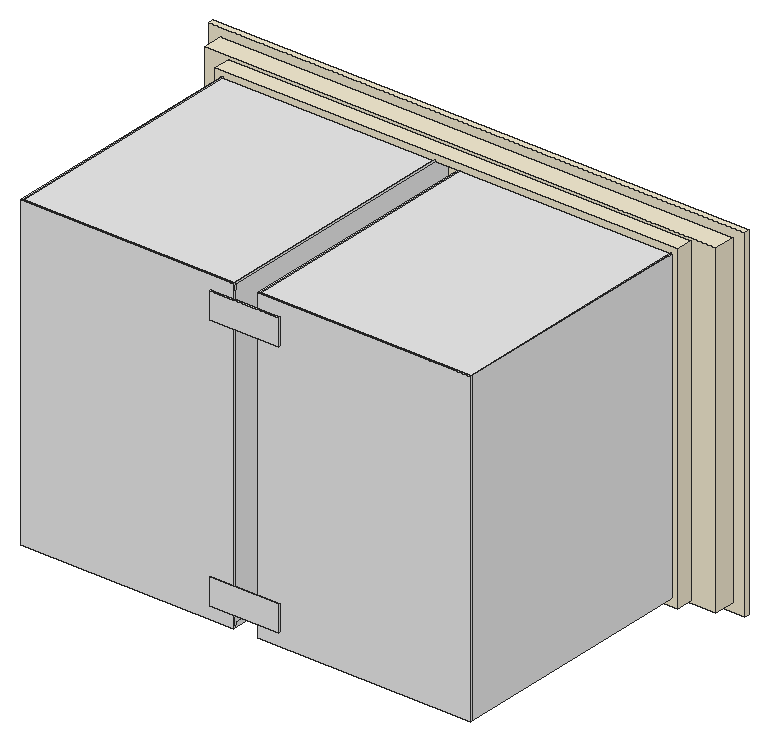
Revit family "Mailboxes_4C-Salsbury_Industries-Front_Load-5_Door_High_Units", category Specialty Equipment, host Wall, Revit 2016
Family settings
  Host = Wall
  Part Type = Normal
  Round Connector Dimension = Use Diameter
  OmniClass Number = 23.40.90.14.11
  OmniClass Title = Mail Boxes
  Always vertical = Yes
  Cut with Voids When Loaded = No
  Shared = No
  Room Calculation Point = No
Parameters (values of type "3705D-08 FL")
  Width = 31.09766"
  URL = "www.mailboxes.com"
  OmniClass 23 Title = "Mail Boxes"
  OmniClass 23 Number = "23.40.90.14.11"
  Visible Door Number [instance] = yes
  Vertical Center Divider = yes
  Version = "3.0 (06/30/17)"
  Type Comments = "4C Standard Horizontal Mailbox - Front Loading"
  Top Back Plate = yes
  Right Inside Wall = yes
  Model = "3705D-08 FL"
  MasterFormat Title = "Postal Specialties"
  MasterFormat Number = "10 55 00"
  Manufacturer = "Salsbury Industries"
  Lock Material = Stainless Steel - Salsbury Finish -  Polished
  Left Inside Wall = yes
  Keynote = ""
  Height = 20.000"
  Front Panel Material [instance] = Paint - Salsbury Finish - Sandstone
  Door Slot R5 Number [instance] = "8"
  Door Slot R5 = 3700 Series 4C Door Configurations : MB1 Door w/ Divider
  Door Slot R4 Number [instance] = "7"
  Door Slot R4 = 3700 Series 4C Door Configurations : MB1 Door w/ Divider
  Door Slot R3 Number [instance] = "0"
  Door Slot R3 = 3700 Series 4C OM2 Configuration : OM2-FL
  Door Slot R2 Number [instance] = "0"
  Door Slot R2 = 3700 Series 4C Door Configurations : Empty
  Door Slot R1 Number [instance] = "6"
  Door Slot R1 = 3700 Series 4C Door Configurations : MB1 Door
  Door Slot L5 Number [instance] = "5"
  Door Slot L5 = 3700 Series 4C Door Configurations : MB1 Door w/ Divider
  Door Slot L4 Number [instance] = "4"
  Door Slot L4 = 3700 Series 4C Door Configurations : MB1 Door w/ Divider
  Door Slot L3 Number [instance] = "3"
  Door Slot L3 = 3700 Series 4C Door Configurations : MB1 Door w/ Divider
  Door Slot L2 Number [instance] = "2"
  Door Slot L2 = 3700 Series 4C Door Configurations : MB1 Door w/ Divider
  Door Slot L1 Number [instance] = "1"
  Door Slot L1 = 3700 Series 4C Door Configurations : MB1 Door
  Description = "5 Door High Unit:  8 MB1, OM2"
  Depth = 17.025"
  Center Extrusion Offset [instance] = 0.000"
  Bottom Back Plate = yes
  Back Enclosure Material = Aluminum - Salsbury Finish - Anodized
  Assembly Description = "Mailboxes"
  Assembly Code = "C1030910"
  Above Finished Floor (AFF-Bottom of Unit) [instance] = 26.683"
  Above Finished Floor (AFF-Bottom Shelf) [instance] = 28.000"
Reference planes (in)
  plane 1 "Wall Centerline": y = 0
  plane 2 "Center (Left/Right)": x = 0
  plane 3 "Front": y = 3
  plane 4 "15" AFF": z = 28
  plane 5 "28" AFF": z = 28
  plane 6 "36" AFF": z = 36
  plane 7 "48" AFF": z = 48
  plane 8 "Bottom of Unit": z = 26.683
  plane 9 "Top of Unit": z = 46.683
  plane 10 "Left Side of Unit": x = 15.54883
  plane 11 "Right Side of Unit": x = -15.54883
  plane 12 "28" AFF_Bottom of Unit": z = 26.683
  plane 13 "Top Horiz Trim Align": z = 45.85225
  plane 14 "Bottom Horiz Trim Align": z = 27.515
  plane 15 "Left Trim Align": x = 14.716
  plane 16 "Right Trim Align": x = -14.716
  plane 17 "Left Door Align": x = 14.06641
  plane 18 "Right Door Align": x = -14.06641
  plane 19 "Top Horiz Door Align": z = 45.26125
  plane 20 "Bottom Horiz Door Align": z = 28
  plane 21 "Front Face of Unit": y = 3.265
  plane 22 "Top Housing Align": z = 46.179
  plane 23 "Top Collar Align": z = 46.031
  plane 24 "Top Box Align": z = 45.676
  plane 25 "Vertical Housing Align": y = 1.795
  plane 26 "Vertical Collar Align": y = 0.795
  plane 27 "Back of Unit": y = -13.76
  plane 28 "Bottom Housing Align": z = 27.187
  plane 29 "Bottom Collar Align": z = 27.335
  plane 30 "Bottom Box Align": z = 27.75
  plane 31 "Door Alignment": y = 2.66809
  plane 32 "Right Housing Align": x = -14.84183
  plane 33 "Right Collar Align": x = -13.40883
  plane 34 "Right Box Side Align": x = -13.08083
  plane 35 "Left Housing Align": x = 14.84183
  plane 36 "Left Collar Align": x = 13.40883
  plane 37 "Left Side Box Align": x = 13.08083
  plane 38 "Top Back Plate Align": z = 44.897
  plane 39 "Bottom Back Plate Align": z = 28.499
  plane 40 "Back": y = -3
  plane 41 "RO Left Side": x = 15.17383
  plane 42 "RO Right Side": x = -15.17383
  plane 43 "RO Bottom": z = 27.058
  plane 44 "RO Top": z = 46.308
  plane 45 "Horiz Centerline": z = 42.04237
  plane 46: z = 27.885
  plane 47: x = 12.99983
  plane 48: x = 12.92758
  plane 49 "Center Extrusion": x = 0
  plane 50 "Center Extrusion Offset": x = 0
  plane 51 "Row 5 Top Align": z = 31.5
  plane 52 "Row 4 Top Align": z = 35
  plane 53 "Row 3 Top Align": z = 38.5
  plane 54 "Row 2 Top Align": z = 42
  plane 55 "Row 16 Top Align-Private": z = 31.5
  plane 56 "Row 15 Top Align-Private": z = 35
  plane 57 "Row 14 Top Align-Private": z = 38.5
  plane 58 "Row 13 Top Align-Private": z = 42
  plane 59 "Row 12 Top Align-Private": z = 45.5
  plane 60 "Row 11 Top Align-Private": z = 49
  plane 61 "Row 10 Top Align-Private": z = 52.25
  plane 62 "Row 9 Top Align-Private": z = 55.75
  plane 63 "Row 8 Top Align-Private": z = 59.25
  plane 64 "Top of Face Gap": z = 61.25
  plane 65 "Top Latch Align": z = 37.376
  plane 66 "Bottom Latch Align": z = 36.05
  plane 67 "Right Latch Align": x = -0.69183
  plane 68 "Left Latch Align": x = 0.69098
  plane 69 "Latch Alignment Edge": x = -15.54883
  plane 70: x = -12.92783
  plane 71: x = -12.99983
  plane 72: y = -13.84203
  plane 73: x = -2
  plane 74: x = -0.7705
  plane 75: x = 0.7705
  plane 76: x = 2
  plane 77: y = -13.67797
  plane 78: x = -0.69098
  plane 79: x = 0.69183
  plane 80: z = 43.397
  plane 81: z = 29.999
  plane 82: z = 45.31729
  plane 83: z = 28.41625
  plane 84: z = 27.446
  plane 85: z = 28.055
Forms (in)
  Extrusion 1, void
    sketch origin (0, 3, 0) x (1, 0, 0) y (0, 0, 1)
      loop
        line (15.17383, 46.308) -> (-15.17383, 46.308) -> (-15.17383, 27.058) -> (15.17383, 27.058) -> (15.17383, 46.308)
    from 0 to 15.27914
  Extrusion 2, solid, material "Paint - Salsbury Finish - Sandstone" <- "Front Panel Material"
    sketch origin (0, 3, 0) x (1, 0, 0) y (0, 0, 1)
      loop
        line (15.54883, 46.683) -> (-15.54883, 46.683) -> (-15.54883, 26.683) -> (15.54883, 26.683) -> (15.54883, 46.683)
    from -0.265 to 0
  Extrusion 3, void
    sketch origin (0, 3.265, 0.00774) x (0, 0, -1) y (-1, 0, 0)
      loop
        line (-45.84451, -14.716) -> (-27.50726, -14.716) -> (-27.50726, 14.716) -> (-45.84451, 14.716) -> (-45.84451, -14.716)
    from -0.265 to 0
  Extrusion 4, solid, material "Paint - Salsbury Finish - Sandstone" <- "Front Panel Material"
    sketch origin (14.98214, 3.265, -1.67978) x (0, 0, -1) y (-1, 0, 0)
      loop
        line (-47.53203, 29.69814) -> (-47.53203, 29.04855) -> (-29.19478, 29.04855) -> (-29.19478, 29.69814) -> (-47.53203, 29.69814)
    from 0 to -0.265
  Extrusion 5, solid, material "Paint - Salsbury Finish - Sandstone" <- "Front Panel Material"
    sketch origin (0, 3.265, 0) x (0, 0, -1) y (-1, 0, 0)
      loop
        line (-27.515, -14.06641) -> (-27.515, 14.06641) -> (-28, 14.06641) -> (-28, -14.06641) -> (-27.515, -14.06641)
    from -0.265 to 0
  Extrusion 6, solid, material "Paint - Salsbury Finish - Sandstone" <- "Front Panel Material"
    sketch origin (0, 3, 84.08475) x (1, 0, 0) y (0, 0, 1)
      loop
        line (-14.84183, -56.89775) -> (14.84183, -56.89775) -> (14.84183, -37.90575) -> (-14.84183, -37.90575) -> (-14.84183, -56.89775)
    from 0 to 1.205
  Extrusion 7, solid, material "Paint - Salsbury Finish - Sandstone" <- "Front Panel Material"
    sketch origin (0, 1.795, 0) x (0, 0, 1) y (-1, 0, 0)
      loop
        line (27.335, 13.40883) -> (27.335, -13.40883) -> (46.031, -13.40883) -> (46.031, 13.40883) -> (27.335, 13.40883)
    from 0 to 1
  Extrusion 8, void
    sketch origin (0, 1.795, 0) x (0, 0, 1) y (-1, 0, 0)
      loop
        line (45.676, 13.08083) -> (27.75, 13.08083) -> (27.75, -13.08083) -> (45.676, -13.08083) -> (45.676, 13.08083)
    from 0 to 1
  Extrusion 9, solid, material "Paint - Salsbury Finish - Sandstone" <- "Front Panel Material"
    sketch origin (0, 3.265, 0) x (0, 0, -1) y (-1, 0, 0)
      loop
        line (-45.85225, -14.716) -> (-27.515, -14.716) -> (-27.515, -14.06641) -> (-45.85225, -14.06641) -> (-45.85225, -14.716)
    from 0 to -0.265
  Extrusion 10, solid, material "Paint - Salsbury Finish - Sandstone" <- "Front Panel Material"
    sketch origin (0, 3.265, 0) x (0, 0, -1) y (-1, 0, 0)
      loop
        line (-45.85225, -14.06641) -> (-45.26125, -14.06641) -> (-45.26125, 14.06641) -> (-45.85225, 14.06641) -> (-45.85225, -14.06641)
    from -0.265 to 0
  Extrusion 11, void
    sketch origin (0, 1.795, 0) x (0, 0, 1) y (-1, 0, 0)
      loop
        line (46.031, -13.40883) -> (46.031, 13.40883) -> (27.335, 13.40883) -> (27.335, -13.40883) -> (46.031, -13.40883)
    from -1.124 to 0
  Extrusion 12, void
    sketch origin (0, 3, 0) x (1, 0, 0) y (0, 0, 1)
      loop
        line (14.06641, 46.031) -> (-14.06641, 46.031) -> (-14.06641, 27.335) -> (14.06641, 27.335) -> (14.06641, 46.031)
    from 0 to 0.33191
  Extrusion 13, solid, material "Aluminum - Salsbury Finish - Anodized" <- "Back Enclosure Material"
    sketch origin (-0.58189, 1.795, 0) x (0, 0, 1) y (-1, 0, 0)
      loop
        line (45.676, 12.49894) -> (27.75, 12.49894) -> (27.75, 12.41794) -> (45.676, 12.41794) -> (45.676, 12.49894)
    from 0 to 15.47297
  Extrusion 14, solid, material "Aluminum - Salsbury Finish - Anodized" <- "Back Enclosure Material", visible <- "Right Inside Wall"
    sketch origin (11.7675, 1.795, 0) x (0, 0, 1) y (-1, 0, 0)
      loop
        line (45.676, 12.538) -> (27.75, 12.538) -> (27.75, 12.45933) -> (45.676, 12.45933) -> (45.676, 12.538)
    from 0 to 15.47297
  Extrusion 15, solid, material "Aluminum - Salsbury Finish - Anodized" <- "Back Enclosure Material"
    sketch origin (0.54283, 1.795, 0) x (0, 0, 1) y (-1, 0, 0)
      loop
        line (45.676, -12.538) -> (45.676, -12.457) -> (27.75, -12.457) -> (27.75, -12.538) -> (45.676, -12.538)
    from 0 to 15.47297
  Extrusion 16, solid, material "Aluminum - Salsbury Finish - Anodized" <- "Back Enclosure Material", visible <- "Left Inside Wall"
    sketch origin (-11.7675, 1.795, 0) x (0, 0, 1) y (-1, 0, 0)
      loop
        line (45.676, -12.538) -> (45.676, -12.45849) -> (27.75, -12.45849) -> (27.75, -12.538) -> (45.676, -12.538)
    from 0 to 15.47297
  Extrusion 17, solid, material "Aluminum - Salsbury Finish - Anodized" <- "Back Enclosure Material"
    sketch origin (0, -13.76, 0) x (0, 0, 1) y (-1, 0, 0)
      loop
        line (45.676, 13.08083) -> (27.75, 13.08083) -> (27.75, -13.08083) -> (45.676, -13.08083) -> (45.676, 13.08083)
    from -0.08203 to 0
  Extrusion 18, solid, material "Aluminum - Salsbury Finish - Anodized" <- "Back Enclosure Material"
    sketch origin (-0.15625, 0, 45.676) x (0, 1, 0) y (-1, 0, 0)
      loop
        line (1.795, 12.84358) -> (-13.67797, 12.84358) -> (-13.67797, -13.15608) -> (1.795, -13.15608) -> (1.795, 12.84358)
    from -0.35871 to 0
  Extrusion 19, void
    sketch origin (0, 0, 45.676) x (0, 1, 0) y (-1, 0, 0)
      loop
        line (1.7325, 12.93342) -> (-13.61547, 12.93342) -> (-13.61547, -12.92758) -> (1.7325, -12.92758) -> (1.7325, 12.93342)
    from -0.0723 to -0.6459
  Extrusion 20, solid, material "Aluminum - Salsbury Finish - Anodized" <- "Back Enclosure Material"
    sketch origin (0, 0, 15.41625) x (1, 0, 0) y (0, 1, 0)
      loop
        line (-12.99983, 1.795) -> (-12.99983, -13.67797) -> (12.99983, -13.67797) -> (12.99983, 1.795) -> (-12.99983, 1.795)
    from 12.46875 to 13
  Extrusion 21, void
    sketch origin (0, 0, 26.66625) x (1, 0, 0) y (0, 1, 0)
      loop
        line (-12.93342, 1.7325) -> (-12.93342, -13.61547) -> (12.92758, -13.61547) -> (12.92758, 1.7325) -> (-12.93342, 1.7325)
    from 1.38875 to 0.77975
  Extrusion 22, solid, material "Aluminum - Salsbury Finish - Anodized" <- "Back Enclosure Material", visible <- "Top Back Plate", detail levels medium+fine
    sketch origin (0, -13.76, 0) x (0, 0, 1) y (-1, 0, 0)
      loop
        line (44.897, 2) -> (43.397, 2) -> (43.397, -2) -> (44.897, -2) -> (44.897, 2)
    from 0 to 0.08203
  Extrusion 23, solid, material "Aluminum - Salsbury Finish - Anodized" <- "Back Enclosure Material", visible <- "Bottom Back Plate", detail levels medium+fine
    sketch origin (0, -13.76, 84.11475) x (0, 0, -1) y (1, 0, 0)
      loop
        line (55.61575, -2) -> (55.61575, 2) -> (54.11575, 2) -> (54.11575, -2) -> (55.61575, -2)
    from 0 to 0.08203
  Extrusion 24, void
    sketch origin (0, 0, 0) x (0, 0, -1) y (0, 1, 0)
      loop
        line (-45.676, 1.795) -> (-45.676, -13.76) -> (-27.75, -13.76) -> (-27.75, 1.795) -> (-27.515, 1.795) -> (-27.515, 3.265) -> (-45.85225, 3.265) -> (-45.85225, 1.795) -> (-45.676, 1.795)
    from -0.69098 to 0.69183
  Extrusion 25, solid, material "Paint - Salsbury Finish - Sandstone" <- "Front Panel Material", visible <- "Vertical Center Divider"
    sketch origin (-0.77934, 3.265, 0) x (0, 0, -1) y (-1, 0, 0)
      loop
        line (-45.85225, -1.47033) -> (-27.515, -1.47033) -> (-27.515, -0.08752) -> (-45.85225, -0.08752) -> (-45.85225, -1.47033)
    from 0 to -1.47
Cuts and joins
  Extrusion 3, Extrusion 11, Extrusion 24 cuts Extrusion 2
  Extrusion 8, Extrusion 11, Extrusion 12, Extrusion 24 cuts Extrusion 5
  Extrusion 8, Extrusion 12, Extrusion 19, Extrusion 24 cuts Extrusion 7
  Extrusion 11, Extrusion 12, Extrusion 24 cuts Extrusion 10
  Extrusion 11, Extrusion 12 cuts Extrusion 6
  Extrusion 12 cuts Extrusion 4
  Extrusion 12 cuts Extrusion 9
  Extrusion 19, Extrusion 21, Extrusion 24 cuts Extrusion 18
  Extrusion 21, Extrusion 24 cuts Extrusion 20
  Extrusion 24 cuts Extrusion 17
  Extrusion 24 cuts Extrusion 22
  Extrusion 24 cuts Extrusion 23
Lines and regions (in)
  model lines
    curve 1: line (15.54883, 3.265, 46.683) -> (14.716, 3.265, 45.85225)
    curve 2: line (-15.54883, 3.265, 46.683) -> (-14.716, 3.265, 45.85225)
    curve 3: line (-15.54883, 3.265, 26.683) -> (-14.716, 3.265, 27.515)
    curve 4: line (15.54883, 3.265, 26.683) -> (14.716, 3.265, 27.515)
  reference lines
    curve 5: line (-14.06641, 2.66809, 26.683) -> (-14.06641, 2.66809, 46.683)
    curve 6: line (14.06641, 2.66809, 26.683) -> (14.06641, 2.66809, 46.683)
  symbolic lines
    curve 7: line (-13.08083, -13.76, 28) -> (13.08083, -13.76, 28)
    curve 8: line (-13.08083, 0.795, 28) -> (-13.08083, -13.76, 28)
    curve 9: line (13.40883, 0.795, 28) -> (-13.40883, 0.795, 28)
    curve 10: line (13.08083, -13.76, 28) -> (13.08083, 0.795, 28)
    curve 11: line (13.40883, 0.795, 28) -> (13.40883, 1.795, 28)
    curve 12: line (-13.40883, 0.795, 28) -> (-13.40883, 1.795, 28)
    curve 13: line (-14.84183, 3, 28) -> (-14.84183, 1.795, 28)
    curve 14: line (-14.84183, 1.795, 28) -> (14.84183, 1.795, 28)
    curve 15: line (14.84183, 1.795, 28) -> (14.84183, 3, 28)
    curve 16: line (-15.54883, 3.265, 28) -> (15.54883, 3.265, 28)
    curve 17: line (-15.54883, 3, 28) -> (-15.54883, 3.265, 28)
    curve 18: line (15.54883, 3, 28) -> (-15.54883, 3, 28)
    curve 19: line (15.54883, 3.265, 28) -> (15.54883, 3, 28)
    curve 20: line (-14.06641, 3.265, 28) -> (-14.06641, 4.43, 28)
    curve 21: line (-14.06641, 4.43, 28) -> (-0.69183, 4.43, 28)
    curve 22: line (-0.69183, 4.43, 28) -> (-0.69183, 3.265, 28)
Text (in)
  text "Placement Side" at (0, 40.15149, 123.01588), in view "Right"
  text "Placement Side" at (-58.6842, 42.74981, 0), in view "Ref. Level"
  text "Placement Side" at (0, 47.49176, 140.59947), in view "Left"
Dimensions and locks (in)
  locked: plane 3 "Front" to host wall
  "Above Finished Floor (AFF-Bottom Shelf)": level to plane 4 "15" AFF"
  locked: level to plane 5 "28" AFF" at 28
  locked: level to plane 6 "36" AFF" at 36
  locked: level to plane 7 "48" AFF" at 48
  equal spacing: plane 11 "Right Side of Unit", plane 2 "Center (Left/Right)", plane 10 "Left Side of Unit"
  plane 8 "Bottom of Unit" to plane 4 "15" AFF" = 1.317"
  "Width": plane 11 "Right Side of Unit" to plane 10 "Left Side of Unit"
  "Height": plane 8 "Bottom of Unit" to plane 9 "Top of Unit"
  plane 12 "28" AFF_Bottom of Unit" to plane 5 "28" AFF" = 1.317"
  locked: plane 15 "Left Trim Align" to plane 10 "Left Side of Unit" at 0.83283
  locked: plane 16 "Right Trim Align" to plane 11 "Right Side of Unit" at 0.83283
  locked: plane 13 "Top Horiz Trim Align" to plane 9 "Top of Unit" at 0.83075
  locked: plane 8 "Bottom of Unit" to plane 14 "Bottom Horiz Trim Align" at 0.832
  plane 17 "Left Door Align" to plane 15 "Left Trim Align" = 0.64959"
  plane 18 "Right Door Align" to plane 16 "Right Trim Align" = 0.64959"
  locked: plane 19 "Top Horiz Door Align" to plane 13 "Top Horiz Trim Align" at 0.591
  locked: plane 14 "Bottom Horiz Trim Align" to plane 20 "Bottom Horiz Door Align" at 0.485
  plane 20 "Bottom Horiz Door Align" to level = 28.000"
  plane 5 "28" AFF" to level = 28.000"
  plane 6 "36" AFF" to level = 36.000"
  plane 7 "48" AFF" to level = 48.000"
  plane 9 "Top of Unit" to plane 8 "Bottom of Unit" = 20.000"
  plane 21 "Front Face of Unit" to host wall = 0.265"
  locked: host wall to plane 25 "Vertical Housing Align" at 1.205
  locked: plane 25 "Vertical Housing Align" to plane 26 "Vertical Collar Align" at 1
  plane 25 "Vertical Housing Align" to plane 27 "Back of Unit" = 15.555"
  "Depth": plane 21 "Front Face of Unit" to plane 27 "Back of Unit"
  locked: plane 9 "Top of Unit" to plane 22 "Top Housing Align" at 0.504
  locked: plane 22 "Top Housing Align" to plane 23 "Top Collar Align" at 0.148
  locked: plane 23 "Top Collar Align" to plane 24 "Top Box Align" at 0.355
  locked: plane 28 "Bottom Housing Align" to plane 8 "Bottom of Unit" at 0.504
  locked: plane 29 "Bottom Collar Align" to plane 28 "Bottom Housing Align" at 0.148
  locked: plane 30 "Bottom Box Align" to plane 29 "Bottom Collar Align" at 0.415
  plane 24 "Top Box Align" to plane 30 "Bottom Box Align" = 17.926"  (x2)
  locked: plane 21 "Front Face of Unit" to plane 31 "Door Alignment" at 0.59691
  plane 11 "Right Side of Unit" to plane 32 "Right Housing Align" to plane 33 "Right Collar Align" to plane 34 "Right Box Side Align" = 0.707" locked, 1.433" locked, 0.328" locked
  plane 37 "Left Side Box Align" to plane 36 "Left Collar Align" to plane 35 "Left Housing Align" to plane 10 "Left Side of Unit" = 0.328" locked, 1.433" locked, 0.707" locked
  plane 11 "Right Side of Unit" to plane 32 "Right Housing Align" to plane 33 "Right Collar Align" to plane 34 "Right Box Side Align" = 0.707", 1.433", 0.328"
  plane 37 "Left Side Box Align" to plane 36 "Left Collar Align" to plane 35 "Left Housing Align" to plane 10 "Left Side of Unit" = 0.328", 1.433", 0.707"
  plane 9 "Top of Unit" to plane 24 "Top Box Align" = 1.007"
  plane 30 "Bottom Box Align" to plane 8 "Bottom of Unit" = 1.067"
  locked: plane 24 "Top Box Align" to plane 38 "Top Back Plate Align" at 0.779
  locked: plane 39 "Bottom Back Plate Align" to plane 30 "Bottom Box Align" at 0.749
  locked: plane 41 "RO Left Side" to plane 10 "Left Side of Unit" at 0.375
  locked: plane 42 "RO Right Side" to plane 11 "Right Side of Unit" at 0.375
  locked: plane 8 "Bottom of Unit" to plane 43 "RO Bottom" at 0.375
  locked: plane 44 "RO Top" to plane 9 "Top of Unit" at 0.375
  Extrusion 13 to Extrusion 13 = 0.081"
  plane 46 to plane 30 "Bottom Box Align" = 0.135"
  Extrusion 15 to Extrusion 15 = 0.081"
  plane 47 to plane 37 "Left Side Box Align" = 0.081"
  plane 48 to plane 47 = 0.07225"
  plane 18 "Right Door Align" to plane 17 "Left Door Align" = 28.13281"
  "Center Extrusion Offset": plane 49 "Center Extrusion" to plane 50 "Center Extrusion Offset"
  plane 20 "Bottom Horiz Door Align" to plane 51 "Row 5 Top Align" to plane 52 "Row 4 Top Align" to plane 53 "Row 3 Top Align" to plane 54 "Row 2 Top Align" = 3.500", 3.500" locked, 3.500" locked, 3.500" locked
  plane 4 "15" AFF" to plane 55 "Row 16 Top Align-Private" = 3.500"
  plane 55 "Row 16 Top Align-Private" to plane 56 "Row 15 Top Align-Private" to plane 57 "Row 14 Top Align-Private" to plane 58 "Row 13 Top Align-Private" to plane 59 "Row 12 Top Align-Private" to plane 60 "Row 11 Top Align-Private" to plane 61 "Row 10 Top Align-Private" to plane 62 "Row 9 Top Align-Private" to plane 63 "Row 8 Top Align-Private" = 3.500" locked, 3.500" locked, 3.500" locked, 3.500" locked, 3.500" locked, 3.250" locked, 3.500" locked, 3.500" locked
  locked: plane 63 "Row 8 Top Align-Private" to plane 64 "Top of Face Gap" at 2
  "Above Finished Floor (AFF-Bottom of Unit)": level to plane 8 "Bottom of Unit"
  locked: plane 67 "Right Latch Align" to plane 68 "Left Latch Align" at 1.38281
  plane 24 "Top Box Align" to plane 65 "Top Latch Align" = 8.300"
  plane 66 "Bottom Latch Align" to plane 30 "Bottom Box Align" = 8.300"
  plane 69 "Latch Alignment Edge" to plane 67 "Right Latch Align" = 14.857"
  curve 15 to curve 19 = 0.707"
  plane 34 "Right Box Side Align" to plane 71 to plane 70 = 0.081", 0.072"
  plane 72 to plane 27 "Back of Unit" = 0.08203"
  plane 27 "Back of Unit" to plane 77 = 0.08203"
  cut or joined group of Extrusion 6, Extrusion 11, Extrusion 12 to Extrusion 25 = 18.66525"
  plane 73 to plane 74 to plane 67 "Right Latch Align" to plane 50 "Center Extrusion Offset" = 1.2295", 0.07867", 0.69183"
  plane 50 "Center Extrusion Offset" to plane 68 "Left Latch Align" to plane 75 to plane 76 = 0.69098", 0.07952", 1.2295"
  plane 78 to plane 49 "Center Extrusion" to plane 79 = 0.69098" locked, 0.69183" locked
  plane 11 "Right Side of Unit" to Extrusion 2 = 31.09766"
  plane 10 "Left Side of Unit" to Extrusion 6 = 30.39066"
  plane 38 "Top Back Plate Align" to plane 80 = 1.500"
  plane 81 to plane 39 "Bottom Back Plate Align" = 1.500"
  plane 4 "15" AFF" to Extrusion 13 = 17.676"
  plane 4 "15" AFF" to Extrusion 14 = 17.676"
  Extrusion 14 to Extrusion 16 = 17.926"
  Extrusion 16 to Extrusion 15 = 17.926"
  locked: plane 82 to plane 24 "Top Box Align" at 0.35871
  plane 14 "Bottom Horiz Trim Align" to plane 83 = 0.90125"
  plane 84 to plane 30 "Bottom Box Align" to plane 85 = 0.304" locked, 0.305" locked
  aligned and locked: plane 8 "Bottom of Unit" to Extrusion 2 sketch curve
  aligned and locked: plane 10 "Left Side of Unit" to Extrusion 2 sketch curve
  aligned and locked: Extrusion 2 sketch curve to plane 11 "Right Side of Unit"
  aligned and locked: Extrusion 2 sketch curve to plane 9 "Top of Unit"
  aligned and locked: plane 21 "Front Face of Unit" to Extrusion 2
  aligned and locked: Extrusion 4 to plane 16 "Right Trim Align"
  aligned and locked: plane 18 "Right Door Align" to Extrusion 4
  aligned and locked: plane 13 "Top Horiz Trim Align" to Extrusion 4
  aligned and locked: Extrusion 5 to plane 14 "Bottom Horiz Trim Align"
  aligned and locked: Extrusion 5 to plane 17 "Left Door Align"
  aligned and locked: plane 20 "Bottom Horiz Door Align" to Extrusion 5
  aligned and locked: Extrusion 5 to plane 18 "Right Door Align"
  aligned and locked: plane 34 "Right Box Side Align" to Extrusion 17 sketch curve
  aligned and locked: Extrusion 17 sketch curve to plane 24 "Top Box Align"
  aligned and locked: Extrusion 17 sketch curve to plane 37 "Left Side Box Align"
  aligned and locked: plane 30 "Bottom Box Align" to Extrusion 17 sketch curve
  aligned and locked: plane 25 "Vertical Housing Align" to Extrusion 18 sketch curve
  aligned and locked: Extrusion 18 sketch curve to plane 47
  aligned and locked: plane 48 to Extrusion 19
  aligned and locked: plane 47 to cut or joined group of Extrusion 18, Extrusion 19, Extrusion 21, Extrusion 24
  aligned and locked: plane 25 "Vertical Housing Align" to Extrusion 20 sketch curve
  aligned and locked: Extrusion 20 sketch curve to plane 47
  aligned and locked: plane 48 to cut or joined group of Extrusion 20, Extrusion 21, Extrusion 24
  aligned and locked: plane 17 "Left Door Align" to cut or joined group of Extrusion 9, Extrusion 12
  aligned and locked: plane 25 "Vertical Housing Align" to Extrusion 25
  aligned and locked: plane 21 "Front Face of Unit" to Extrusion 25
  aligned and locked: nested 1 to plane 54 "Row 2 Top Align"
  aligned and locked: nested 6 to plane 17 "Left Door Align"
  aligned and locked: nested 6 to plane 54 "Row 2 Top Align"
  aligned and locked: plane 31 "Door Alignment" to nested 6  (x2)
  aligned and locked: nested 7 to plane 17 "Left Door Align"
  aligned and locked: nested 7 to plane 53 "Row 3 Top Align"
  aligned and locked: plane 31 "Door Alignment" to nested 7  (x2)
  aligned and locked: nested 5 to curve 5
  aligned and locked: nested 3 to curve 5
  aligned and locked: nested 10 to curve 6
  aligned and locked: nested 9 to curve 6
  aligned and locked: nested 8 to curve 6
  aligned and locked: nested 7 to curve 6
  aligned and locked: nested 6 to curve 6
  aligned and locked: plane 31 "Door Alignment" to nested 5
  aligned and locked: plane 31 "Door Alignment" to nested 3
  aligned and locked: plane 31 "Door Alignment" to nested 8
  aligned and locked: plane 31 "Door Alignment" to nested 10
  aligned and locked: plane 31 "Door Alignment" to nested 2
  aligned and locked: plane 31 "Door Alignment" to nested 4
  aligned and locked: nested 1 to curve 5
  aligned and locked: nested 2 to curve 5
  aligned and locked: nested 4 to curve 5
  aligned and locked: plane 31 "Door Alignment" to nested 1
  aligned and locked: plane 11 "Right Side of Unit" to plane 69 "Latch Alignment Edge"
  aligned and locked: plane 37 "Left Side Box Align" to curve 10
  aligned and locked: plane 27 "Back of Unit" to curve 7
  aligned and locked: curve 8 to plane 34 "Right Box Side Align"
  aligned and locked: curve 9 to plane 26 "Vertical Collar Align"
  aligned and locked: curve 13 to cut or joined group of Extrusion 6, Extrusion 11, Extrusion 12
  aligned and locked: curve 14 to cut or joined group of Extrusion 6, Extrusion 11, Extrusion 12
  aligned and locked: curve 15 to cut or joined group of Extrusion 6, Extrusion 11, Extrusion 12
  aligned and locked: nested 1 to curve 20
  aligned and locked: plane 67 "Right Latch Align" to curve 22
  aligned and locked: plane 21 "Front Face of Unit" to cut or joined group of Extrusion 2, Extrusion 3, Extrusion 11, Extrusion 24
  aligned and locked: plane 3 "Front" to cut or joined group of Extrusion 2, Extrusion 3, Extrusion 11, Extrusion 24
  aligned and locked: plane 35 "Left Housing Align" to cut or joined group of Extrusion 6, Extrusion 11, Extrusion 12  (x2)
  aligned and locked: plane 25 "Vertical Housing Align" to cut or joined group of Extrusion 6, Extrusion 11, Extrusion 12
  aligned and locked: cut or joined group of Extrusion 6, Extrusion 11, Extrusion 12 to plane 3 "Front"
  aligned and locked: cut or joined group of Extrusion 6, Extrusion 11, Extrusion 12 to plane 32 "Right Housing Align"
  aligned and locked: plane 26 "Vertical Collar Align" to cut or joined group of Extrusion 7, Extrusion 8, Extrusion 12, Extrusion 19, Extrusion 24
  aligned and locked: cut or joined group of Extrusion 7, Extrusion 8, Extrusion 12, Extrusion 19, Extrusion 24 to plane 33 "Right Collar Align"
  aligned and locked: cut or joined group of Extrusion 7, Extrusion 8, Extrusion 12, Extrusion 19, Extrusion 24 to plane 25 "Vertical Housing Align"
  aligned and locked: plane 36 "Left Collar Align" to cut or joined group of Extrusion 7, Extrusion 8, Extrusion 12, Extrusion 19, Extrusion 24
  aligned and locked: plane 37 "Left Side Box Align" to Extrusion 15
  aligned and locked: Extrusion 15 to plane 47  (x2)
  aligned and locked: plane 27 "Back of Unit" to cut or joined group of Extrusion 17, Extrusion 24
  aligned and locked: Extrusion 13 to plane 34 "Right Box Side Align"
  aligned and locked: plane 37 "Left Side Box Align" to cut or joined group of Extrusion 17, Extrusion 24
  aligned and locked: plane 71 to Extrusion 13
  aligned and locked: cut or joined group of Extrusion 18, Extrusion 19, Extrusion 21, Extrusion 24 to plane 71
  aligned and locked: plane 72 to cut or joined group of Extrusion 22, Extrusion 24
  aligned and locked: plane 72 to cut or joined group of Extrusion 23, Extrusion 24
  aligned and locked: cut or joined group of Extrusion 22, Extrusion 24 to plane 27 "Back of Unit"
  aligned and locked: cut or joined group of Extrusion 23, Extrusion 24 to plane 27 "Back of Unit"
  aligned and locked: plane 75 to Extrusion 16
  aligned and locked: Extrusion 14 to plane 74
  aligned and locked: plane 76 to cut or joined group of Extrusion 22, Extrusion 24
  aligned and locked: plane 73 to cut or joined group of Extrusion 22, Extrusion 24  (x2)
  aligned and locked: plane 73 to cut or joined group of Extrusion 23, Extrusion 24  (x2)
  aligned and locked: cut or joined group of Extrusion 23, Extrusion 24 to plane 76  (x2)
  aligned and locked: plane 77 to cut or joined group of Extrusion 17, Extrusion 24
  aligned and locked: plane 77 to cut or joined group of Extrusion 18, Extrusion 19, Extrusion 21, Extrusion 24
  aligned and locked: Extrusion 15 to plane 25 "Vertical Housing Align"
  aligned and locked: Extrusion 16 to plane 25 "Vertical Housing Align"
  aligned and locked: Extrusion 14 to plane 25 "Vertical Housing Align"
  aligned and locked: Extrusion 13 to plane 25 "Vertical Housing Align"
  aligned and locked: plane 77 to Extrusion 15
  aligned and locked: plane 77 to Extrusion 16
  aligned and locked: plane 77 to Extrusion 14
  aligned and locked: plane 77 to Extrusion 13
  aligned and locked: Extrusion 14 to plane 67 "Right Latch Align"
  aligned and locked: plane 13 "Top Horiz Trim Align" to cut or joined group of Extrusion 9, Extrusion 12
  aligned and locked: cut or joined group of Extrusion 9, Extrusion 12 to plane 15 "Left Trim Align"
  aligned and locked: cut or joined group of Extrusion 9, Extrusion 12 to plane 14 "Bottom Horiz Trim Align"
  aligned and locked: cut or joined group of Extrusion 4, Extrusion 12 to plane 14 "Bottom Horiz Trim Align"
  aligned and locked: cut or joined group of Extrusion 10, Extrusion 11, Extrusion 12, Extrusion 24 to plane 17 "Left Door Align"
  aligned and locked: cut or joined group of Extrusion 10, Extrusion 11, Extrusion 12, Extrusion 24 to plane 18 "Right Door Align"
  aligned and locked: cut or joined group of Extrusion 10, Extrusion 11, Extrusion 12, Extrusion 24 to plane 19 "Top Horiz Door Align"
  aligned and locked: plane 13 "Top Horiz Trim Align" to cut or joined group of Extrusion 10, Extrusion 11, Extrusion 12, Extrusion 24
  aligned and locked: plane 21 "Front Face of Unit" to cut or joined group of Extrusion 9, Extrusion 12
  aligned and locked: plane 3 "Front" to cut or joined group of Extrusion 9, Extrusion 12
  aligned and locked: plane 21 "Front Face of Unit" to cut or joined group of Extrusion 4, Extrusion 12
  aligned and locked: plane 3 "Front" to cut or joined group of Extrusion 4, Extrusion 12
  aligned and locked: plane 13 "Top Horiz Trim Align" to Extrusion 25
  aligned and locked: Extrusion 25 to plane 14 "Bottom Horiz Trim Align"
  aligned and locked: plane 67 "Right Latch Align" to Extrusion 25
  aligned and locked: Extrusion 25 to plane 68 "Left Latch Align"
  aligned and locked: plane 68 "Left Latch Align" to Extrusion 16
  aligned and locked: plane 78 to Extrusion 24
  aligned and locked: plane 79 to Extrusion 24
  aligned and locked: plane 27 "Back of Unit" to Extrusion 24
  aligned and locked: plane 21 "Front Face of Unit" to Extrusion 24
  aligned and locked: plane 9 "Top of Unit" to curve 5
  aligned and locked: plane 8 "Bottom of Unit" to curve 5
  aligned and locked: plane 8 "Bottom of Unit" to curve 6
  aligned and locked: curve 6 to plane 17 "Left Door Align"
  aligned and locked: plane 22 "Top Housing Align" to cut or joined group of Extrusion 6, Extrusion 11, Extrusion 12
  aligned and locked: plane 28 "Bottom Housing Align" to cut or joined group of Extrusion 6, Extrusion 11, Extrusion 12
  aligned and locked: cut or joined group of Extrusion 7, Extrusion 8, Extrusion 12, Extrusion 19, Extrusion 24 to plane 29 "Bottom Collar Align"
  aligned and locked: plane 23 "Top Collar Align" to cut or joined group of Extrusion 7, Extrusion 8, Extrusion 12, Extrusion 19, Extrusion 24
  aligned and locked: plane 10 "Left Side of Unit" to curve 1
  aligned and locked: plane 9 "Top of Unit" to curve 1
  aligned and locked: plane 15 "Left Trim Align" to curve 1
  aligned and locked: plane 13 "Top Horiz Trim Align" to curve 1
  aligned and locked: plane 11 "Right Side of Unit" to curve 2
  aligned and locked: plane 9 "Top of Unit" to curve 2
  aligned and locked: plane 16 "Right Trim Align" to curve 2
  aligned and locked: plane 13 "Top Horiz Trim Align" to curve 2
  aligned and locked: plane 10 "Left Side of Unit" to curve 4
  aligned and locked: plane 8 "Bottom of Unit" to curve 4
  aligned and locked: plane 15 "Left Trim Align" to curve 4
  aligned and locked: plane 14 "Bottom Horiz Trim Align" to curve 4
  aligned and locked: plane 8 "Bottom of Unit" to curve 3
  aligned and locked: plane 11 "Right Side of Unit" to curve 3
  aligned and locked: plane 16 "Right Trim Align" to curve 3
  aligned and locked: plane 14 "Bottom Horiz Trim Align" to curve 3
  aligned and locked: cut or joined group of Extrusion 22, Extrusion 24 to plane 38 "Top Back Plate Align"
  aligned and locked: cut or joined group of Extrusion 22, Extrusion 24 to plane 76
  aligned and locked: plane 80 to cut or joined group of Extrusion 22, Extrusion 24
  aligned and locked: cut or joined group of Extrusion 23, Extrusion 24 to plane 39 "Bottom Back Plate Align"
  aligned and locked: plane 81 to cut or joined group of Extrusion 23, Extrusion 24
  aligned and locked: plane 24 "Top Box Align" to Extrusion 13
  aligned and locked: Extrusion 13 to plane 30 "Bottom Box Align"
  aligned and locked: plane 24 "Top Box Align" to Extrusion 14
  aligned and locked: Extrusion 14 to plane 30 "Bottom Box Align"
  aligned and locked: Extrusion 16 to plane 30 "Bottom Box Align"
  aligned and locked: plane 24 "Top Box Align" to Extrusion 16
  aligned and locked: plane 24 "Top Box Align" to Extrusion 15
  aligned and locked: Extrusion 15 to plane 30 "Bottom Box Align"
  aligned and locked: plane 24 "Top Box Align" to cut or joined group of Extrusion 18, Extrusion 19, Extrusion 21, Extrusion 24
  aligned and locked: plane 82 to cut or joined group of Extrusion 18, Extrusion 19, Extrusion 21, Extrusion 24
  aligned and locked: cut or joined group of Extrusion 20, Extrusion 21, Extrusion 24 to plane 46
  aligned and locked: plane 83 to cut or joined group of Extrusion 20, Extrusion 21, Extrusion 24
  aligned and locked: plane 77 to cut or joined group of Extrusion 20, Extrusion 21, Extrusion 24
  aligned and locked: cut or joined group of Extrusion 20, Extrusion 21, Extrusion 24 to plane 71
  aligned and locked: plane 21 "Front Face of Unit" to cut or joined group of Extrusion 5, Extrusion 8, Extrusion 11, Extrusion 12, Extrusion 24
  aligned and locked: plane 3 "Front" to cut or joined group of Extrusion 5, Extrusion 8, Extrusion 11, Extrusion 12, Extrusion 24
  aligned and locked: plane 21 "Front Face of Unit" to cut or joined group of Extrusion 10, Extrusion 11, Extrusion 12, Extrusion 24
  aligned and locked: plane 3 "Front" to cut or joined group of Extrusion 10, Extrusion 11, Extrusion 12, Extrusion 24
  aligned and locked: plane 52 "Row 4 Top Align" to nested 3
  aligned and locked: plane 52 "Row 4 Top Align" to nested 8
  aligned and locked: plane 51 "Row 5 Top Align" to nested 4
  aligned and locked: plane 51 "Row 5 Top Align" to nested 9
  aligned and locked: plane 31 "Door Alignment" to nested 9
  aligned and locked: plane 53 "Row 3 Top Align" to nested 2
  aligned and locked: plane 20 "Bottom Horiz Door Align" to nested 5
  aligned and locked: plane 20 "Bottom Horiz Door Align" to nested 10
  aligned and locked: Extrusion 21 to plane 85
  aligned and locked: plane 84 to Extrusion 21
Automatic sketch dimensions
  Extrusion 1 sketch curve to plane 42 "RO Right Side" = 0.000"
  plane 41 "RO Left Side" to Extrusion 1 sketch curve = 0.000"
  Extrusion 1 sketch curve to plane 43 "RO Bottom" = 0.000"
  Extrusion 1 sketch curve to plane 44 "RO Top" = 0.000"
  Extrusion 6 sketch curve to plane 22 "Top Housing Align" = 0.000"
  plane 32 "Right Housing Align" to Extrusion 6 sketch curve = 0.000"
  Extrusion 6 sketch curve to plane 35 "Left Housing Align" = 0.000"
  Extrusion 6 sketch curve to plane 28 "Bottom Housing Align" = 0.000"
  Extrusion 7 sketch curve to plane 29 "Bottom Collar Align" = 0.000"
  plane 23 "Top Collar Align" to Extrusion 7 sketch curve = 0.000"
  plane 36 "Left Collar Align" to Extrusion 7 sketch curve = 0.000"
  Extrusion 7 sketch curve to plane 33 "Right Collar Align" = 0.000"
  Extrusion 8 sketch curve to plane 30 "Bottom Box Align" = 0.000"
  Extrusion 8 sketch curve to plane 24 "Top Box Align" = 0.000"
  Extrusion 8 sketch curve to plane 37 "Left Side Box Align" = 0.000"
  plane 34 "Right Box Side Align" to Extrusion 8 sketch curve = 0.000"
  Extrusion 11 sketch curve to plane 29 "Bottom Collar Align" = 0.000"
  Extrusion 11 sketch curve to plane 23 "Top Collar Align" = 0.000"
  plane 36 "Left Collar Align" to Extrusion 11 sketch curve = 0.000"
  plane 33 "Right Collar Align" to Extrusion 11 sketch curve = 0.000"
  Extrusion 13 sketch curve to plane 30 "Bottom Box Align" = 0.000"
  plane 24 "Top Box Align" to Extrusion 13 sketch curve = 0.000"
  Extrusion 13 sketch curve to plane 34 "Right Box Side Align" = 0.000"
  Extrusion 13 sketch curve to Extrusion 13 sketch curve = 0.081"
  plane 30 "Bottom Box Align" to Extrusion 15 sketch curve = 0.000"
  Extrusion 15 sketch curve to plane 24 "Top Box Align" = 0.000"
  plane 37 "Left Side Box Align" to Extrusion 15 sketch curve = 0.000"
  plane 37 "Left Side Box Align" to Extrusion 15 sketch curve = 0.081"
  Extrusion 18 sketch curve to plane 27 "Back of Unit" = 0.08203"
  plane 34 "Right Box Side Align" to Extrusion 18 sketch curve = 0.081"
  plane 34 "Right Box Side Align" to Extrusion 20 sketch curve = 0.081"
  Extrusion 20 sketch curve to plane 27 "Back of Unit" = 0.08203"
  Extrusion 3 sketch curve to plane 13 "Top Horiz Trim Align" = 0.000"
  Extrusion 3 sketch curve to plane 14 "Bottom Horiz Trim Align" = 0.000"
  plane 15 "Left Trim Align" to Extrusion 3 sketch curve = 0.000"
  Extrusion 3 sketch curve to plane 16 "Right Trim Align" = 0.000"
  Extrusion 4 sketch curve to plane 13 "Top Horiz Trim Align" = 0.000"
  plane 14 "Bottom Horiz Trim Align" to Extrusion 4 sketch curve = 0.000"
  plane 16 "Right Trim Align" to Extrusion 4 sketch curve = 0.000"
  Extrusion 4 sketch curve to plane 18 "Right Door Align" = 0.000"
  plane 13 "Top Horiz Trim Align" to Extrusion 9 sketch curve = 0.000"
  Extrusion 9 sketch curve to plane 14 "Bottom Horiz Trim Align" = 0.000"
  Extrusion 9 sketch curve to plane 15 "Left Trim Align" = 0.000"
  plane 17 "Left Door Align" to Extrusion 9 sketch curve = 0.000"
  plane 13 "Top Horiz Trim Align" to Extrusion 10 sketch curve = 0.000"
  Extrusion 10 sketch curve to plane 17 "Left Door Align" = 0.000"
  Extrusion 10 sketch curve to plane 18 "Right Door Align" = 0.000"
  Extrusion 10 sketch curve to plane 19 "Top Horiz Door Align" = 0.000"
  Extrusion 12 sketch curve to plane 18 "Right Door Align" = 0.000"
  plane 17 "Left Door Align" to Extrusion 12 sketch curve = 0.000"
  Extrusion 12 sketch curve to plane 29 "Bottom Collar Align" = 0.000"
  Extrusion 12 sketch curve to plane 23 "Top Collar Align" = 0.000"
  Extrusion 14 sketch curve to plane 30 "Bottom Box Align" = 0.000"
  plane 24 "Top Box Align" to Extrusion 14 sketch curve = 0.000"
  Extrusion 14 sketch curve to plane 2 "Center (Left/Right)" = 0.69183"
  Extrusion 14 sketch curve to Extrusion 14 sketch curve = 0.07867"
  plane 30 "Bottom Box Align" to Extrusion 16 sketch curve = 0.000"
  Extrusion 16 sketch curve to plane 24 "Top Box Align" = 0.000"
  Extrusion 16 sketch curve to plane 2 "Center (Left/Right)" = 0.69098"
  Extrusion 16 sketch curve to Extrusion 16 sketch curve = 0.07952"
  Extrusion 19 sketch curve to plane 48 = 0.000"
  Extrusion 19 sketch curve to plane 27 "Back of Unit" = 0.14453"
  plane 25 "Vertical Housing Align" to Extrusion 19 sketch curve = 0.0625"
  plane 34 "Right Box Side Align" to Extrusion 19 sketch curve = 0.14741"
  Extrusion 21 sketch curve to plane 48 = 0.000"
  plane 25 "Vertical Housing Align" to Extrusion 21 sketch curve = 0.0625"
  plane 34 "Right Box Side Align" to Extrusion 21 sketch curve = 0.14741"
  Extrusion 21 sketch curve to plane 27 "Back of Unit" = 0.14453"
  Extrusion 22 sketch curve to plane 38 "Top Back Plate Align" = 0.000"
  plane 38 "Top Back Plate Align" to Extrusion 22 sketch curve = 1.500"
  plane 2 "Center (Left/Right)" to Extrusion 22 sketch curve = 2.000"
  Extrusion 22 sketch curve to plane 2 "Center (Left/Right)" = 2.000"
  Extrusion 23 sketch curve to plane 39 "Bottom Back Plate Align" = 0.000"
  Extrusion 23 sketch curve to plane 39 "Bottom Back Plate Align" = 1.500"
  Extrusion 23 sketch curve to plane 2 "Center (Left/Right)" = 2.000"
  plane 2 "Center (Left/Right)" to Extrusion 23 sketch curve = 2.000"
  plane 13 "Top Horiz Trim Align" to Extrusion 25 sketch curve = 0.000"
  Extrusion 25 sketch curve to plane 14 "Bottom Horiz Trim Align" = 0.000"
  plane 2 "Center (Left/Right)" to Extrusion 25 sketch curve = 0.69098"
  Extrusion 25 sketch curve to plane 2 "Center (Left/Right)" = 0.69183"
  plane 4 "15" AFF" to Extrusion 5 sketch curve = 0.000"
  Extrusion 5 sketch curve to plane 14 "Bottom Horiz Trim Align" = 0.000"
  Extrusion 5 sketch curve to plane 17 "Left Door Align" = 0.000"
  Extrusion 5 sketch curve to plane 18 "Right Door Align" = 0.000"
  curve 9 to plane 33 "Right Collar Align" = 0.000"
  curve 11 to plane 36 "Left Collar Align" = 0.000"
  plane 21 "Front Face of Unit" to curve 21 = 1.165"
  curve 18 to host wall = 0.000"
  curve 18 to plane 11 "Right Side of Unit" = 0.000"
  curve 16 to plane 21 "Front Face of Unit" = 0.000"
  Extrusion 24 sketch curve to plane 13 "Top Horiz Trim Align" = 0.000"
  Extrusion 24 sketch curve to plane 24 "Top Box Align" = 0.000"
  Extrusion 24 sketch curve to plane 27 "Back of Unit" = 0.000"
  Extrusion 24 sketch curve to plane 30 "Bottom Box Align" = 0.000"
  Extrusion 24 sketch curve to plane 14 "Bottom Horiz Trim Align" = 0.000"
  Extrusion 24 sketch curve to plane 25 "Vertical Housing Align" = 0.000"  (x2)
  Extrusion 24 sketch curve to plane 21 "Front Face of Unit" = 0.000"
  curve 6 to plane 9 "Top of Unit" = 0.000"
  curve 5 to plane 18 "Right Door Align" = 0.000"
Nested families (in)
  nested 1: "3700 Series 4C Door Configurations" at (-7.37891, 2.79505, 42) x (-1, 0, 0) z (0, 0, 1), type <- "Door Slot R1", Door Number <- "Door Slot R1 Number", type "MB1 Door"
    with Door Number "6"
  nested 2: "3700 Series 4C Door Configurations" at (-7.37891, 2.79505, 38.5) x (-1, 0, 0) z (0, 0, 1), type <- "Door Slot R2", Door Number <- "Door Slot R2 Number", type "Empty"
    with Door Number "0"
  nested 3: "3700 Series 4C OM2 Configuration" at (-7.37891, 2.79505, 35) x (-1, 0, 0) z (0, 0, 1), type <- "Door Slot R3", Door Number <- "Door Slot R3 Number", type "OM2-FL"
    with Door Number "0"
  nested 4: "3700 Series 4C Door Configurations" at (-7.37891, 2.79505, 31.5) x (-1, 0, 0) z (0, 0, 1), type <- "Door Slot R4", Door Number <- "Door Slot R4 Number", type "MB1 Door w/ Divider"
    with Door Number "7"
  nested 5: "3700 Series 4C Door Configurations" at (-7.37891, 2.79505, 28) x (-1, 0, 0) z (0, 0, 1), type <- "Door Slot R5", Door Number <- "Door Slot R5 Number", type "MB1 Door w/ Divider"
    with Door Number "8"
  nested 6: "3700 Series 4C Door Configurations" at (7.37891, 2.79505, 42) x (-1, 0, 0) z (0, 0, 1), type <- "Door Slot L1", Door Number <- "Door Slot L1 Number", type "MB1 Door"
    with Door Number "1"
  nested 7: "3700 Series 4C Door Configurations" at (7.37891, 2.79505, 38.5) x (-1, 0, 0) z (0, 0, 1), type <- "Door Slot L2", Door Number <- "Door Slot L2 Number", type "MB1 Door w/ Divider"
    with Door Number "2"
  nested 8: "3700 Series 4C Door Configurations" at (7.37891, 2.79505, 35) x (-1, 0, 0) z (0, 0, 1), type <- "Door Slot L3", Door Number <- "Door Slot L3 Number", type "MB1 Door w/ Divider"
    with Door Number "3"
  nested 9: "3700 Series 4C Door Configurations" at (7.37891, 2.79505, 31.5) x (-1, 0, 0) z (0, 0, 1), type <- "Door Slot L4", Door Number <- "Door Slot L4 Number", type "MB1 Door w/ Divider"
    with Door Number "4"
  nested 10: "3700 Series 4C Door Configurations" at (7.37891, 2.79505, 28) x (-1, 0, 0) z (0, 0, 1), type <- "Door Slot L5", Door Number <- "Door Slot L5 Number", type "MB1 Door w/ Divider"
    with Door Number "5"
Definition of nested family "3700 Series 4C Door Configurations"
  Parameters (values of type "MB3 Door")
    Weight = "15 lbs."
    Visible Door Number = yes
    URL = ""
    Model = "3700MB3"
    Manufacturer = "Salsbury Industries"
    Lock Material = none
    Inset Offset = 0.000"
    Front Panel Material = none
    Door Width = 13.375"
    Door Visibility-MB1 = yes
    Door Number [instance] = "101"
    Door Lock = yes
    Door Height = 10.23047"
    Door Divider = no
    Door Depth = 0.25391"
    Description = "MB3 Door for 3700 Series 4C Mailboxes"
    Cost = 0
    Center Lock-Vertical = 0.875"
    Center Lock-Horizontal = 1.61523"
  Types (11): name | Weight | Visible Door Number | Model | Inset Offset | Door Visibility-MB1 | Door Lock | Door Height | Door Divider | Description
    MB1 Door w/ Divider | "5 lbs." | yes | "3700MB1" | 0.000" | yes | yes | 3.23047" | yes | "MB1 Door for 3700 Series 4C Mailboxes"
    MB1 Door | "5 lbs." | yes | "3700MB1" | 0.000" | yes | yes | 3.23047" | no | "MB1 Door for 3700 Series 4C Mailboxes"
    MB2 Door | "10 lbs." | yes | "3700MB2" | 0.000" | yes | yes | 6.73047" | no | "MB2 Door for 3700 Series 4C Mailboxes"
    MB2 Door w/ Divider | "10 lbs." | yes | "3700MB2" | 0.000" | yes | yes | 6.73047" | yes | "MB2 Door for 3700 Series 4C Mailboxes"
    MB3 Door | "15 lbs." | yes | "3700MB3" | 0.000" | yes | yes | 10.23047" | no | "MB3 Door for 3700 Series 4C Mailboxes"
    MB3 Door w/ Divider | "15 lbs." | yes | "3700MB3" | 0.000" | yes | yes | 10.23047" | yes | "MB3 Door for 3700 Series 4C Mailboxes"
    MB4 Door | "20 lbs." | yes | "3700MB4" | 0.000" | yes | yes | 13.73047" | no | "MB4 Door for 3700 Series 4C Mailboxes"
    MB4 Door w/ Divider | "20 lbs." | yes | "3700MB4" | 0.000" | yes | yes | 13.73047" | yes | "MB4 Door for 3700 Series 4C Mailboxes"
    Blank Door | "5 lbs." | no | "3700MB1" | 0.18359" | yes | no | 3.23047" | no | "MB1 Door for 3700 Series 4C Mailboxes"
    Blank Door w/ Divider | "5 lbs." | no | "3700MB1" | 0.18402" | yes | no | 3.23047" | yes | "MB1 Door for 3700 Series 4C Mailboxes"
    Empty | "5 lbs." | no | "Empty MB1" | 0.18359" | no | no | 3.23047" | no | "Empty MB1 Door for 3700 Series 4C Mailboxes"
  Reference planes (in)
    plane 1 "Center (Front/Back)": y = 0
    plane 2 "Bottom of Door": z = 0
    plane 3 "Center (Left/Right)": x = 0
    plane 4 "Left Side Face of Door": x = -6.6875
    plane 5 "Right Side Face of Door": x = 6.6875
    plane 6 "Back Face of Door": y = 0.12695
    plane 7 "Front Face of Door": y = -0.12695
    plane 8: z = 10.23047
    plane 9: z = 5.11523
    plane 10 "Face of Divider": y = -0.46995
    plane 11 "Center Lock Vertical": x = -5.8125
    plane 12 "Center Lock Horizontal": z = 1.61523
    plane 13 "Face of Lock": y = -0.42383
    plane 14 "Divider Height Align": z = 10.50047
    plane 15 "Inset Center": x = -0.0975
    plane 16 "Inset Offset": y = -0.12695
    plane 17: z = 5.49038
    plane 18: z = 4.74072
  Forms (in)
    Extrusion 1, solid, material <- "Front Panel Material", visible <- "Door Visibility-MB1"
      sketch origin (0, 0, 0) x (1, 0, 0) y (0, 1, 0)
        loop
          line (-6.4355, 0.12695) -> (-6.6875, -0.05445) -> (-6.6875, -0.12695) -> (6.05625, -0.12695)
          arc (6.05625, -0.12695) -> (6.19558, -0.17661) -> (6.27209, -0.3032) r 0.22029
          arc (6.27209, -0.3032) -> (6.3553, -0.42132) -> (6.4925, -0.46664) r 0.23034
          arc (6.4925, -0.46664) -> (6.63039, -0.40952) -> (6.6875, -0.27164) r 0.195
          line (6.6875, -0.27164) -> (6.6875, 0.12695) -> (-6.4355, 0.12695)
      from 0 to 10.23047
    Blend 2, solid, material <- "Lock Material", visible <- "Door Lock"
      base sketch origin (0, -0.12695, 0) x (-1, 0, 0) y (0, 0, 1)
        loop
          circle (5.8125, 5.11523) r 0.525
      top sketch origin (0, -0.12695, 0) x (-1, 0, 0) y (0, 0, 1)
        loop
          circle (5.8125, 5.11523) r 0.485
      from 0 to -0.29688
    Extrusion 3, solid, material <- "Front Panel Material", visible <- "Door Divider"
      sketch origin (0, 0, 10.50047) x (-1, 0, 0) y (0, -1, 0)
        loop
          line (6.6875, -0.12695) -> (6.6875, 0.46995) -> (-6.6875, 0.46995) -> (-6.6875, -0.12695) -> (6.6875, -0.12695)
      from -0.27 to 0
    Extrusion 4, void, detail levels fine
      sketch origin (0, -0.42383, 0) x (1, 0, 0) y (0, 0, 1)
        loop
          circle (-5.8125, 4.99523) r 0.285
      from 0 to -0.01562
    Extrusion 5, void, detail levels fine
      sketch origin (0, -0.42383, 0) x (1, 0, 0) y (0, 0, 1)
        loop
          line (-5.84183, 5.12353) -> (-5.84183, 4.82353) -> (-5.78183, 4.82353) -> (-5.78183, 5.12353) -> (-5.84183, 5.12353)
      from 0 to -0.03906
    Extrusion 6, void, detail levels fine
      sketch origin (0, -0.12695, 0) x (0, 0, 1) y (-1, 0, 0)
        loop
          arc (5.86523, 0.8475) -> (5.82862, 0.93589) -> (5.74023, 0.9725) r 0.125
          line (5.74023, 0.9725) -> (4.49023, 0.9725)
          arc (4.49023, 0.9725) -> (4.40185, 0.93589) -> (4.36523, 0.8475) r 0.125
          line (4.36523, 0.8475) -> (4.36523, -0.6525)
          arc (4.36523, -0.6525) -> (4.40185, -0.74089) -> (4.49023, -0.7775) r 0.125
          line (4.49023, -0.7775) -> (5.74023, -0.7775)
          arc (5.74023, -0.7775) -> (5.82862, -0.74089) -> (5.86523, -0.6525) r 0.125
          line (5.86523, -0.6525) -> (5.86523, 0.8475)
      from 0 to -0.03906
  Cuts and joins
    Extrusion 4, Extrusion 5 cuts Blend 2
    Extrusion 6 cuts Extrusion 1
  Lines and regions (in)
    symbolic lines
      curve 1: circle (-5.8125, 0, 5.11523) r 0.53054 normal (0, -1, 0)
  Dimensions and locks (in)
    equal spacing: plane 6 "Back Face of Door", plane 1 "Center (Front/Back)", plane 7 "Front Face of Door"
    "Door Depth": plane 6 "Back Face of Door" to plane 7 "Front Face of Door"
    equal spacing: plane 4 "Left Side Face of Door", plane 3 "Center (Left/Right)", plane 5 "Right Side Face of Door"  (x2)
    "Door Width": plane 4 "Left Side Face of Door" to plane 5 "Right Side Face of Door"
    locked: plane 7 "Front Face of Door" to plane 10 "Face of Divider" at 0.343
    "Center Lock-Vertical": plane 4 "Left Side Face of Door" to plane 11 "Center Lock Vertical"
    "Inset Offset": plane 16 "Inset Offset" to plane 7 "Front Face of Door"
    plane 4 "Left Side Face of Door" to plane 5 "Right Side Face of Door" = 13.375"
    plane 6 "Back Face of Door" to plane 10 "Face of Divider" = 0.59691"
    "Door Height": plane 8 to plane 2 "Bottom of Door"
    equal spacing: plane 8, plane 9, plane 2 "Bottom of Door"
    locked: plane 14 "Divider Height Align" to plane 8 at 0.27
    plane 17 to plane 9 to plane 18 = 0.37515" locked, 0.37452" locked
    aligned and locked: level to plane 2 "Bottom of Door"
    aligned and locked: plane 4 "Left Side Face of Door" to Extrusion 1
    aligned and locked: plane 6 "Back Face of Door" to Extrusion 1
    aligned and locked: plane 7 "Front Face of Door" to Extrusion 1
    aligned and locked: plane 8 to Extrusion 1
    aligned and locked: Extrusion 3 sketch curve to plane 4 "Left Side Face of Door"
    aligned and locked: Extrusion 3 sketch curve to plane 6 "Back Face of Door"
    aligned and locked: plane 5 "Right Side Face of Door" to Extrusion 3 sketch curve
    aligned and locked: Extrusion 3 to plane 8
    aligned and locked: plane 10 "Face of Divider" to Extrusion 3 sketch curve
    aligned and locked: plane 14 "Divider Height Align" to Extrusion 3
    aligned and locked: cut or joined group of Extrusion 1, Extrusion 6 to plane 2 "Bottom of Door"
    aligned and locked: plane 18 to text3d elem
  Automatic sketch dimensions
    Extrusion 1 sketch curve to plane 4 "Left Side Face of Door" = 0.000"
    Extrusion 1 sketch curve to plane 6 "Back Face of Door" = 0.000"
    Extrusion 1 sketch curve to plane 7 "Front Face of Door" = 0.000"
    Extrusion 1 sketch curve to plane 5 "Right Side Face of Door" = 0.000"
    Extrusion 1 sketch curve to plane 4 "Left Side Face of Door" = 0.252"
    plane 5 "Right Side Face of Door" to Extrusion 1 sketch curve = 0.63125"
    Extrusion 1 sketch curve to plane 7 "Front Face of Door" = 0.10935"
    plane 5 "Right Side Face of Door" to Extrusion 1 sketch curve = 0.195"
    Extrusion 1 sketch curve to plane 7 "Front Face of Door" = 0.14468"
    plane 10 "Face of Divider" to Extrusion 1 sketch curve = 0.12271"
    plane 1 "Center (Front/Back)" to Extrusion 1 sketch curve = 0.05445"
    plane 10 "Face of Divider" to Extrusion 1 sketch curve = 0.16676"
    Blend 2 sketch curve to plane 9 = 0.000"  (x2)
    plane 11 "Center Lock Vertical" to Blend 2 sketch curve = 0.000"  (x2)
    plane 11 "Center Lock Vertical" to Extrusion 4 sketch curve = 0.000"
    Extrusion 4 sketch curve to plane 9 = 0.120"
    Extrusion 4 sketch curve to Extrusion 4 sketch curve = 0.285"
    plane 11 "Center Lock Vertical" to Extrusion 5 sketch curve = 0.02933"
    Extrusion 5 sketch curve to plane 11 "Center Lock Vertical" = 0.03067"
    Extrusion 5 sketch curve to plane 9 = 0.2917"
    plane 9 to Extrusion 5 sketch curve = 0.0083"
    Extrusion 6 sketch curve to plane 9 = 0.750"
    Extrusion 6 sketch curve to Extrusion 6 sketch curve = 0.125"  (x3)
    plane 9 to Extrusion 6 sketch curve = 0.625"  (x2)
    plane 3 "Center (Left/Right)" to Extrusion 6 sketch curve = 0.7775"
    plane 15 "Inset Center" to Extrusion 6 sketch curve = 0.750"
    curve 1 to plane 9 = 0.000"
    plane 11 "Center Lock Vertical" to curve 1 = 0.000"
    radius of Blend 2 sketch curve = 0.525"
    radius of Blend 2 sketch curve = 0.485"
    radius of curve 1 = 0.53054"
Definition of nested family "3700 Series 4C OM2 Configuration"
  Parameters (values of type "OM2-FL")
    Weight = ""
    URL = ""
    Access Lock Offset = 0.000"
    Access Lock = yes
    Model = "3700OM2-FL"
    Manufacturer = "Salsbury Industries"
    Lock Material = none
    Front Panel Material = none
    Door Width = 13.375"
    Door Number [instance] = "101"
    Door Height = 7.00047"
    Door Depth = 0.25391"
    Description = "OM2 Door for 3700 Series 4C Mailboxes-Front Loading"
    Cost = 0
    Center Lock-Vertical = 2.360"
    Center Lock-Horizontal = 1.61523"
  Types (3): name | Access Lock Offset | Access Lock | Model | Description
    (no name) | 0.000" | yes | "3700OM2-FL" | "OM2 Door for 3700 Series 4C Mailboxes-Front Loading"
    OM2-FL | 0.000" | yes | "3700OM2-FL" | "OM2 Door for 3700 Series 4C Mailboxes-Front Loading"
    OM2-RL | 0.3125" | no | "3700OM2-RL" | "OM2 Door for 3700 Series 4C Mailboxes-Rear Loading"
  Reference planes (in)
    plane 1 "Center (Front/Back)": y = 0
    plane 2 "Bottom of Door": z = 0
    plane 3 "Center (Left/Right)": x = 0
    plane 4 "Left Side Face of Door": x = -6.6875
    plane 5 "Right Side Face of Door": x = 6.6875
    plane 6 "Back Face of Door": y = 0.12695
    plane 7 "Front Face of Door": y = -0.12695
    plane 8: z = 3.23047
    plane 9: z = 1.61523
    plane 10: y = -0.46995
    plane 11 "Center Lock Vertical": x = -4.3275
    plane 12 "Center Lock Horizontal": z = 1.61523
    plane 13 "Face of Lock": y = -0.42383
    plane 14 "Divider Height Align": z = 3.50047
    plane 15 "Plate Center": x = -0.16063
    plane 16 "Left Stud Align": x = -5.7025
    plane 17 "Right Stud Align": x = -2.8895
    plane 18 "Top Stud Align": z = 2.27147
    plane 19 "Bottom Stud Align": z = 0.95947
    plane 20 "Hinge Stud Align": x = 5.6875
    plane 21 "Mail Plate Top": z = 2.61547
    plane 22 "Mail Plate Bottom": z = 0.61547
    plane 23: x = -2.1595
    plane 24: x = 1.8405
    plane 25 "Face of Mail Plate": y = -0.16602
    plane 26 "Top of Mail Drop Door": z = 6.73094
    plane 27 "Top of Mail Drop Divider": z = 7.00047
    plane 28 "Face of Mail Drop": y = -0.31995
    plane 29 "Top of Mail Slot": z = 6.42087
    plane 30 "Bottom of Mail Slot": z = 5.67087
    plane 31 "Left Edge of Mail Slot": x = -5.3755
    plane 32 "Right Edge of Mail Slot": x = 5.3755
    plane 33 "Mail Slot Bottom Protusion": z = 6.50987
    plane 34: y = -0.49395
    plane 35: z = 6.15637
    plane 36 "Front of Awning": y = -1.63495
    plane 37: y = -1.15685
    plane 38 "Mail Slot Slope": through (-240, -0.44582, 6.9722) normal (0, -0.5, 0.866)
    plane 39 "Access Lock Offset": y = 0.12695
  Forms (in)
    Extrusion 1, solid, material <- "Front Panel Material"
      sketch origin (0, 0, 0) x (1, 0, 0) y (0, 1, 0)
        loop
          line (-6.4355, 0.12695) -> (-6.6875, -0.05445) -> (-6.6875, -0.12695) -> (6.05625, -0.12695)
          arc (6.05625, -0.12695) -> (6.19558, -0.17661) -> (6.27209, -0.3032) r 0.22029
          arc (6.27209, -0.3032) -> (6.3553, -0.42132) -> (6.4925, -0.46664) r 0.23034
          arc (6.4925, -0.46664) -> (6.63039, -0.40952) -> (6.6875, -0.27164) r 0.195
          line (6.6875, -0.27164) -> (6.6875, 0.12695) -> (-6.4355, 0.12695)
      from 0 to 3.23047
    Extrusion 2, solid, material <- "Front Panel Material"
      sketch origin (0, 0, 3.50047) x (-1, 0, 0) y (0, -1, 0)
        loop
          line (6.6875, -0.12695) -> (6.6875, 0.46995) -> (-6.6875, 0.46995) -> (-6.6875, -0.12695) -> (6.6875, -0.12695)
      from -0.27 to 0
    Extrusion 3, void
      sketch origin (0, 0.12695, 0) x (0, 0, -1) y (-1, 0, 0)
        loop
          circle (-1.61523, 4.3275) r 0.4375
      from 0 to -0.25391
